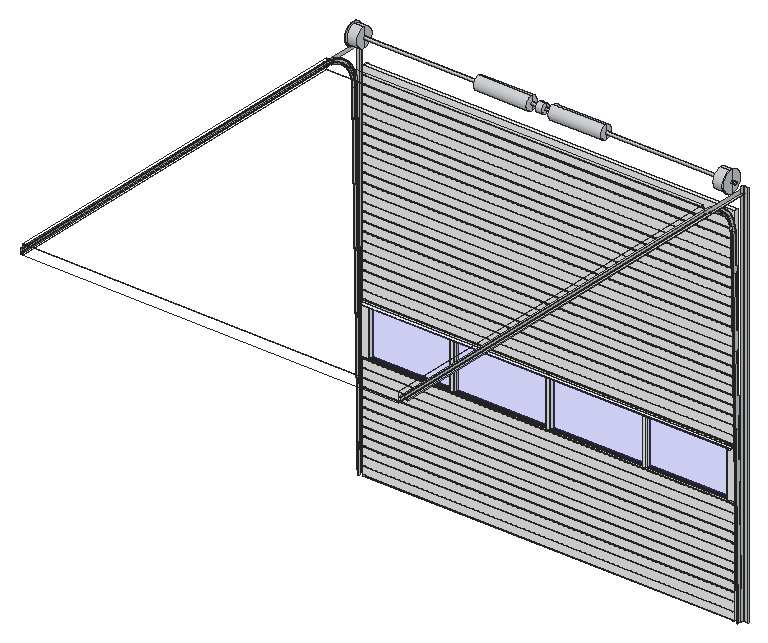
Revit family
Parameters (values of type "By Type")
  Windload = "Doors available rated for various design pressures; consult Clopay for avaialbility and specifications"
  VisSection6 = NumSections = 6  # no
  VisSection5 = NumSections > 4  # yes
  VisSection4 = NumSections > 3  # yes
  VisSection3 = NumSections > 2  # yes
  VisArray = NumSections > 6  # yes
  URL = "www.clopaydoor.com"
  Track Type = Track - Standard Lift : 15" Radius
  Track = "Galvanized steel (gauge varies according to door size)"
  Thickness = 0' - 2"  # constant formula
  Spec Wizard = "http://www.arcat.com/specwizard/08360clo/index.htm"
  Section Height = Height / NumSections  # 2' - 0"
  Section 5 Glazing = Section : Solid
  Section 4 Glazing = Section : Solid
  Section 3 Glazing = Full Vision Section : Intermediate
  Sales Information = "http://www.clopaydoor.com/where-to-buy.aspx?type=dealer"
  Rough Width = 0' - 0"  # constant formula
  Rough Height = 0' - 0"  # constant formula
  Roof Pitch = 0
  R-Value = "15.05"
  Product Features and Benefits = "http://www.clopaydoor.com/insulated-polyurethane-applications.aspx"
  Overlapping Jamb = yes
  Overlap = if(Overlapping Jamb, 0' 1", 0' 0")  # 0' - 1"
  Opening Width = 14' - 0"
  Opening Height = 14' - 0"
  Opener - Jackshaft Right Side = no
  Opener - Trolley = no
  Opener - Jackshaft Left Side = no
  Omniclass Table = "23-30 10 17 37 "
  NumSectionsNotRounded = Height / 2' 0"  # 7
  NumSections = NumSectionsNotRounded + 0.4999  # 7
  NumArraySections = if(NumSections > 6, NumSections - 5, 2)  # 2
  Model = "3718"
  Maximum Size = "Maximum 32' 2'' wide by 26' 0'' high. Additional limitations may apply do to door weight. Consult Clopay for specificiations and shop drawings."  # constant formula
  Manufacturer Website = "http://www.clopaydoor.com"
  Manufacturer Phone Number = "1-800-526-4301"
  Manufacturer Address = "1400 W. Market St., Troy, OH 45373"
  Manufacturer = "Clopay Building Products Company"
  LEED = "http://products.construction.com/swts_content_files/151607/303186.pdf"
  Keynote = "08 36 13"
  Interior Steel = "28 ga. galvanized, primed, and finish painted"
  High Lift = 4' - 0"
  Hardware = "14 ga. min. steel hinges; 10-ball steel rollers"
  GreenFormat = "http://www.greenformat.com/products/1536-Polyurethane%20Insulated%20Doors.rtf"
  Function = (empty or 0)
  Height = Opening Height + Rough Width * 0  # 14' - 0"
  Wall Closure = (empty or 0)
  Width = Opening Width + Rough Width * 0  # 14' - 0"
  FloorToSection7 = 6 * Section Height  # 12' - 0"
  FloorToSection6 = 5 * Section Height  # 10' - 0"
  FloorToSection5 = 4 * Section Height  # 8' - 0"
  FloorToSection4 = 3 * Section Height  # 6' - 0"
  FloorToSection3 = 2 * Section Height  # 4' - 0"
  FloorToSection2 = Section Height  # 2' - 0"
  File Revision = "02 (August, 2012)"
  Exterior Steel = "27 ga. galvanized, primed, and finish painted"
  Double Torsion Shaft = no
  Double End Stiles = Door Width > 14' 2"  # no
  Door Width = Opening Width + Overlap * 2  # 14' - 2"
  Door Height = Opening Height + Rough Width * 0  # 14' - 0"
  Description = "1-3/4'' thick polyurethane insulated, stucco embossed 20 gauge steel flush exterior."
  Core Material = "Expanded polyurethane"
  Copyright = "2010, Clopay Building Products Company, Inc."
  Color = White
  CAD and Specifications = "http://www.clopaydoor.com/insulated-polyurethane-specs.aspx"
  Assembly Code = "B2030410"
Reference planes (in)
  plane 1 "Center (Front/Back)": y = 0
  plane 2 "Center (Left/Right)": x = 0
  plane 3 "Left": x = -84
  plane 4 "Right": x = 84
  plane 5 "Top": z = 168
  plane 6 "Exterior": y = 3
  plane 7 "Interior": y = -3
  plane 8: z = 120
  plane 9: z = 144
Lines and regions (in)
  Opening 1
    outline origin (-90, -3, 0) x (1, 0, 0) y (0, 0, 1)
      loop
        line (6, 0) -> (174, 0) -> (174, 168) -> (6, 168) -> (6, 0)
Text (in)
  text "Exterior" at (-74.96733, 27.31104, 0), in view "Ref. Level"
  text "Interior" at (-74.96733, -25.14366, 0), in view "Ref. Level"
  text "Exterior" at (0, 40.15149, 123.01588), in view "Right"
  text "Interior" at (0, -64.39139, 123.01588), in view "Right"
  text "Interior" at (0, -31.01599, 123.00693), in view "Left"
  text "Exterior" at (0, 54.57065, 123.00693), in view "Left"
Dimensions and locks (in)
  equal spacing: plane 3 "Left", plane 2 "Center (Left/Right)", plane 4 "Right"
  "Height": level to plane 5 "Top"
  "Width": plane 3 "Left" to plane 4 "Right"
  host wall to plane 5 "Top" = 14' - 0"
  nested 1 to plane 7 "Interior" = 0' - 0 1/2"
  "FloorToSection6": plane 8 to level
  "FloorToSection7": plane 9 to level
  group 1 to group 2 = 0' - 0"  (x2)
  group 1 to group 2 = 2' - 0"
  host wall to host wall = 67' - 6"
  aligned and locked: plane 3 "Left" to Opening 1 sketch curve
  aligned and locked: plane 5 "Top" to Opening 1 sketch curve
  aligned and locked: Opening 1 sketch curve to plane 5 "Top"
  aligned and locked: Opening 1 sketch curve to plane 4 "Right"
  aligned and locked: Opening 1 sketch curve to level
  aligned and locked: plane 6 "Exterior" to host wall
  aligned and locked: host wall to plane 7 "Interior"
  aligned and locked: plane 2 "Center (Left/Right)" to nested 2
  aligned and locked: plane 2 "Center (Left/Right)" to nested 3
  aligned and locked: plane 2 "Center (Left/Right)" to nested 4
  aligned and locked: plane 2 "Center (Left/Right)" to nested 5
  aligned and locked: plane 2 "Center (Left/Right)" to nested 7
  aligned and locked: nested 7 to plane 8
  aligned and locked: nested 8 to plane 9
  aligned and locked: plane 7 "Interior" to nested 2
  aligned and locked: plane 7 "Interior" to nested 7
  aligned and locked: host wall to nested 8
  aligned and locked: plane 7 "Interior" to nested 3
  aligned and locked: host wall to nested 3
  aligned and locked: plane 7 "Interior" to nested 1
  aligned and locked: nested 2 to host wall
  aligned and locked: plane 7 "Interior" to nested 6
  aligned and locked: plane 7 "Interior" to nested 5
  aligned and locked: host wall to nested 7
  aligned and locked: plane 7 "Interior" to nested 4
  aligned and locked: nested 11 to plane 2 "Center (Left/Right)"
Nested families (in)
  nested 1: "Section" at (0, 0, 0), type "Solid"
  nested 2: "Section" at (0, 0, 24), built-in parameter 1001364 <- "Section Height", type "Solid"
  nested 3: "Full Vision Section" at (0, 0, 48), type <- "Section 3 Glazing", built-in parameter 1001364 <- "FloorToSection3", visible <- "VisSection3", type "Intermediate"
    with SingleStileVis no, Rail Width 14' - 1 13/16", NumIntStiles 3, Half Rail Width 7' - 0 29/32", Half Door Width 7' - 1", Glass Width 14' - 0 13/16", Edge to 1st Int Stile 3' - 5", Door Width 14' - 2", ArrayStileVis yes, ArrayIntStiles 3
  nested 4: "Section" at (0, 0, 120), built-in parameter 1001364 <- "FloorToSection6", visible <- "VisSection6", type "Solid"
  nested 5: "Section" at (0, 0, 96), built-in parameter 1001364 <- "FloorToSection5", type <- "Section 5 Glazing", visible <- "VisSection5", type "Solid"
  nested 6: "Section" at (0, 0, 72), type <- "Section 4 Glazing", built-in parameter 1001364 <- "FloorToSection4", visible <- "VisSection4", type "Solid"
  nested 7: "Section" at (0, 0, 120), visible <- "VisArray", type "Solid"
  nested 8: "Section" at (0, 0, 144), visible <- "VisArray", type "Solid"
  nested 9: "Section" at (0, 4.67704, 636.93806), type "Windows - 24x8", not visible
  nested 10: "Section" at (0, 4.63986, 609.3176), type "Windows - 24x12", not visible
  nested 11: "Track - Standard Lift" at (0, 0, 0) x (-1, 0, 0) z (0, 0, 1), type <- "Track Type", type "15" Radius"
    with WallToRadiusCenter 1' - 9.33333", VerticalAngleLength 14' - 10", Vertical Track Length 13' - 4", TrackToTrack 14' - 4", Roof Pitch Deg 0.00°, Roof Pitch 0, HorizontalAngleLength -16' - 2.33333", Horizontal Track Length 14' - 6", FloorToTrolleyRail 15' - 8", FloorToShaftCL 15' - 2", FloorToJackShaft 15' - 5", Double Torsion Shaft no, Door Width 14' - 2", Door Height 14' - 0", CenterToLHTrack 7' - 2", HorizontalTrackAngle 90.00°, CenterToRHTrack -7' - 2", CenterToJackShaft 7' - 6"
Definition of nested family "Section"
  Parameters (values of type "Windows - 24x12")
    X9 = if(if(NumArrayedWindows < NumWindows, NumArrayedWindows + 1, NumWindows) < 9, X1, X8 + WindowSpacing)  # 0' - 7 1/2"
    X8 = if(if(NumArrayedWindows < NumWindows, NumArrayedWindows + 1, NumWindows) < 8, X1, X7 + WindowSpacing)  # 0' - 7 1/2"
    X7 = if(if(NumArrayedWindows < NumWindows, NumArrayedWindows + 1, NumWindows) < 7, X1, X6 + WindowSpacing)  # 0' - 7 1/2"
    X6 = if(if(NumArrayedWindows < NumWindows, NumArrayedWindows + 1, NumWindows) < 6, X1, X5 + WindowSpacing)  # 0' - 7 1/2"
    X5 = if(if(NumArrayedWindows < NumWindows, NumArrayedWindows + 1, NumWindows) < 5, X1, X4 + WindowSpacing)  # 0' - 7 1/2"
    X4 = if(if(NumArrayedWindows < NumWindows, NumArrayedWindows + 1, NumWindows) < 4, X1, X3 + WindowSpacing)  # 11' - 7 1/2"
    X3 = if(NumWindows < 3, X1, X2 + WindowSpacing)  # 7' - 11 1/2"
    X2 = if(NumWindows < 2, ((Door Width - (NumWindows - 1) * WindowSpacing) / 2 - Cutout Width / 2), ((Door Width - (NumWindows - 1) * WindowSpacing) / 2 - Cutout Width / 2) + WindowSpacing)  # 4' - 3 1/2"
    Windows = 37xx Window Array : 24x12
    WindowVis = yes
    WindowSpacing = if(and(Door Width < 10' 0", Door Width > 9' 2"), 3' 4", 3' 8")  # 3' - 8"
    WindowCutDepth = 0' - 2"
    Section Height = 2' - 0"
    RibSpacing = Section Height / (NumRibs + 1)  # 0' - 4"
    NumWindows = if(Door Width < 9' 4", 2, if(Door Width < 13' 4", 3, if(Door Width < 16' 4", 4, if(Door Width < 20' 4", 5, if(Door Width < 24' 4", 6, if(Door Width < 26' 4", 7, if(Door Width < 31' 8", 8, 10)))))))  # 4
    NumRibs = if(Section Height < 1' 9", 3, if(Section Height < 2' 0", 4, 5))  # 5
    NumArrayedWindows = if(X2 = X1, NumWindows - 2, NumWindows)  # 4
    Half Section Height = Section Height / 2  # 1' - 0"
    Half Door Width Neg = -Half Door Width  # -7' - 1"
    Half Door Width = Door Width / 2  # 7' - 1"
    Half Cutout Height = Cutout Height / 2  # 0' - 5 1/2"
    Function = (empty or 0)
    Height = 0' - 0"
    Wall Closure = (empty or 0)
    Width = 0' - 0"
    X1 = if(or(Door Width > 31' 6", and(Door Width > 26' 2", Door Width < 28' 1"), Door Width = 24' 3", Door Width = 24' 4", and(Door Width > 20' 2", Door Width < 20' 11"), and(Door Width > 16' 2", Door Width < 17' 3")), X2, (Door Width - (NumWindows - 1) * WindowSpacing) / 2 - Cutout Width / 2)  # 0' - 7 1/2"
    Door Width = 14' - 2"
    CutoutToCutout = 1' - 0"
    Cutout Width = 1' - 11"
    Cutout Height = 0' - 11"
    Color = White
    BtmTo1stRib = RibSpacing  # 0' - 4"
    Assembly Code = ""
  Types (3): name | Windows | WindowVis | WindowCutDepth | Half Cutout Height | Cutout Height
    Windows - 24x12 | 37xx Window Array : 24x12 | yes | 0' - 2" | 0' - 5 1/2" | 0' - 11"
    Windows - 24x8 | 37xx Window Array : 24x8 | yes | 0' - 2" | 0' - 3 1/2" | 0' - 7"
    Solid | 37xx Window Array : 24x8 | no | -0' - 0 13/128" | 0' - 3 1/2" | 0' - 7"
  Reference planes (in)
    plane 1 "Center (Front/Back)": y = 0
    plane 2 "Center (Left/Right)": x = 0
    plane 3 "Exterior": y = 3
    plane 4 "Interior": y = -3
    plane 5: y = -3.5
    plane 6: x = 85
    plane 7: x = -85
    plane 8: z = 4
    plane 9: z = 8
    plane 10: z = 24
    plane 11: z = 12
    plane 12: z = 0
  Forms (in)
    Extrusion 1, solid, material "White" <- "Color"
      sketch origin (-85, -12, 83.08252) x (0, 0, 1) y (0, -1, 0)
        loop
          line (-59.08252, -8.37573) -> (-59.08252, -6.62444)
          arc (-59.08252, -6.62444) -> (-59.11897, -6.53645) -> (-59.20696, -6.5) r 0.12444
          line (-59.20696, -6.5) -> (-82.95809, -6.5)
          arc (-82.95809, -6.5) -> (-83.04608, -6.53645) -> (-83.08252, -6.62444) r 0.12444
          line (-83.08252, -6.62444) -> (-83.08252, -8.37573)
          arc (-83.08252, -8.37573) -> (-83.04612, -8.4636) -> (-82.95825, -8.5) r 0.12427
          line (-82.95825, -8.5) -> (-59.20679, -8.5)
          arc (-59.20679, -8.5) -> (-59.11892, -8.4636) -> (-59.08252, -8.37573) r 0.12427
      from 0 to 170 <- "Door Width"
    Extrusion 2, void
      sketch origin (0, -8.99984, -0.5) x (0, 1, 0) y (0, 0, -1)
        loop
          line (3.5, -4.62727) -> (3.53032, -4.58058)
          arc (3.53032, -4.58058) -> (3.53753, -4.56494) -> (3.54, -4.5479) r 0.06
          line (3.54, -4.5479) -> (3.54, -4.4521)
          arc (3.54, -4.4521) -> (3.53753, -4.43506) -> (3.53032, -4.41942) r 0.06
          line (3.53032, -4.41942) -> (3.5, -4.37273) -> (3.5, -4.62727)
      from -85 <- "Half Door Width Neg" to 170 <- "Door Width"
    Extrusion 3, void
      sketch origin (0, -8.99984, 3.5) x (0, 1, 0) y (0, 0, -1)
        loop
          line (3.5, -4.62727) -> (3.53032, -4.58058)
          arc (3.53032, -4.58058) -> (3.53753, -4.56494) -> (3.54, -4.5479) r 0.06
          line (3.54, -4.5479) -> (3.54, -4.4521)
          arc (3.54, -4.4521) -> (3.53753, -4.43506) -> (3.53032, -4.41942) r 0.06
          line (3.53032, -4.41942) -> (3.5, -4.37273) -> (3.5, -4.62727)
      from -85 <- "Half Door Width Neg" to 170 <- "Door Width"
    Extrusion 4, void
      sketch origin (0, -8.99984, 7.5) x (0, 1, 0) y (0, 0, -1)
        loop
          line (3.5, -4.62727) -> (3.53032, -4.58058)
          arc (3.53032, -4.58058) -> (3.53753, -4.56494) -> (3.54, -4.5479) r 0.06
          line (3.54, -4.5479) -> (3.54, -4.4521)
          arc (3.54, -4.4521) -> (3.53753, -4.43506) -> (3.53032, -4.41942) r 0.06
          line (3.53032, -4.41942) -> (3.5, -4.37273) -> (3.5, -4.62727)
      from -85 <- "Half Door Width Neg" to 170 <- "Door Width"
    Extrusion 5, void
      sketch origin (-98.15385, -3.5, 48) x (1, 0, 0) y (0, 0, 1)
        loop
          line (175.65385, -30.5) -> (152.65385, -30.5) -> (152.65385, -36) -> (175.65385, -36) -> (175.65385, -30.5)
      from 0 to 2 <- "WindowCutDepth"
    Extrusion 6, void
      sketch origin (-98.15385, -3.5, -24) x (1, 0, 0) y (0, 0, 1)
        loop
          line (175.65385, 30.5) -> (175.65385, 36) -> (152.65385, 36) -> (152.65385, 30.5) -> (175.65385, 30.5)
      from 0 to 2 <- "WindowCutDepth"
    Extrusion 7, void
      sketch origin (-136.15385, -3.5, 48) x (1, 0, 0) y (0, 0, 1)
        loop
          line (169.65385, -30.5) -> (146.65385, -30.5) -> (146.65385, -36) -> (169.65385, -36) -> (169.65385, -30.5)
      from 0 to 2 <- "WindowCutDepth"
    Extrusion 8, void
      sketch origin (-136.15385, -3.5, -24) x (1, 0, 0) y (0, 0, 1)
        loop
          line (169.65385, 30.5) -> (169.65385, 36) -> (146.65385, 36) -> (146.65385, 30.5) -> (169.65385, 30.5)
      from 0 to 2 <- "WindowCutDepth"
    Extrusion 9, void
      sketch origin (-171.15385, -3.5, 48) x (1, 0, 0) y (0, 0, 1)
        loop
          line (160.65385, -30.5) -> (137.65385, -30.5) -> (137.65385, -36) -> (160.65385, -36) -> (160.65385, -30.5)
      from 0 to 2 <- "WindowCutDepth"
    Extrusion 10, void
      sketch origin (-171.15385, -3.5, -24) x (1, 0, 0) y (0, 0, 1)
        loop
          line (160.65385, 30.5) -> (160.65385, 36) -> (137.65385, 36) -> (137.65385, 30.5) -> (160.65385, 30.5)
      from 0 to 2 <- "WindowCutDepth"
    Extrusion 11, void
      sketch origin (-214.15385, -3.5, 48) x (1, 0, 0) y (0, 0, 1)
        loop
          line (159.65385, -30.5) -> (136.65385, -30.5) -> (136.65385, -36) -> (159.65385, -36) -> (159.65385, -30.5)
      from 0 to 2 <- "WindowCutDepth"
    Extrusion 12, void
      sketch origin (-214.15385, -3.5, -24) x (1, 0, 0) y (0, 0, 1)
        loop
          line (159.65385, 30.5) -> (159.65385, 36) -> (136.65385, 36) -> (136.65385, 30.5) -> (159.65385, 30.5)
      from 0 to 2 <- "WindowCutDepth"
    Extrusion 13, void
      sketch origin (-256.15385, -3.5, 48) x (1, 0, 0) y (0, 0, 1)
        loop
          line (333.65385, -30.5) -> (310.65385, -30.5) -> (310.65385, -36) -> (333.65385, -36) -> (333.65385, -30.5)
      from 0 to 2 <- "WindowCutDepth"
    Extrusion 14, void
      sketch origin (-256.15385, -3.5, -24) x (1, 0, 0) y (0, 0, 1)
        loop
          line (333.65385, 30.5) -> (333.65385, 36) -> (310.65385, 36) -> (310.65385, 30.5) -> (333.65385, 30.5)
      from 0 to 2 <- "WindowCutDepth"
    Extrusion 15, void
      sketch origin (-294.15385, -3.5, 48) x (1, 0, 0) y (0, 0, 1)
        loop
          line (371.65385, -30.5) -> (348.65385, -30.5) -> (348.65385, -36) -> (371.65385, -36) -> (371.65385, -30.5)
      from 0 to 2 <- "WindowCutDepth"
    Extrusion 16, void
      sketch origin (-294.15385, -3.5, -24) x (1, 0, 0) y (0, 0, 1)
        loop
          line (371.65385, 30.5) -> (371.65385, 36) -> (348.65385, 36) -> (348.65385, 30.5) -> (371.65385, 30.5)
      from 0 to 2 <- "WindowCutDepth"
    Extrusion 17, void
      sketch origin (-331.15385, -3.5, 48) x (1, 0, 0) y (0, 0, 1)
        loop
          line (408.65385, -30.5) -> (385.65385, -30.5) -> (385.65385, -36) -> (408.65385, -36) -> (408.65385, -30.5)
      from 0 to 2 <- "WindowCutDepth"
    Extrusion 18, void
      sketch origin (-331.15385, -3.5, -24) x (1, 0, 0) y (0, 0, 1)
        loop
          line (408.65385, 30.5) -> (408.65385, 36) -> (385.65385, 36) -> (385.65385, 30.5) -> (408.65385, 30.5)
      from 0 to 2 <- "WindowCutDepth"
    Extrusion 19, void
      sketch origin (-368.15385, -3.5, 48) x (1, 0, 0) y (0, 0, 1)
        loop
          line (445.65385, -30.5) -> (422.65385, -30.5) -> (422.65385, -36) -> (445.65385, -36) -> (445.65385, -30.5)
      from 0 to 2 <- "WindowCutDepth"
    Extrusion 20, void
      sketch origin (-368.15385, -3.5, -24) x (1, 0, 0) y (0, 0, 1)
        loop
          line (445.65385, 30.5) -> (445.65385, 36) -> (422.65385, 36) -> (422.65385, 30.5) -> (445.65385, 30.5)
      from 0 to 2 <- "WindowCutDepth"
    Extrusion 21, void
      sketch origin (-407.15385, -3.5, 48) x (1, 0, 0) y (0, 0, 1)
        loop
          line (484.65385, -30.5) -> (461.65385, -30.5) -> (461.65385, -36) -> (484.65385, -36) -> (484.65385, -30.5)
      from 0 to 2 <- "WindowCutDepth"
    Extrusion 22, void
      sketch origin (-407.15385, -3.5, -24) x (1, 0, 0) y (0, 0, 1)
        loop
          line (484.65385, 30.5) -> (484.65385, 36) -> (461.65385, 36) -> (461.65385, 30.5) -> (484.65385, 30.5)
      from 0 to 2 <- "WindowCutDepth"
    Extrusion 23, void
      sketch origin (0, -8.99984, 11.5) x (0, 1, 0) y (0, 0, -1)
        loop
          line (3.5, -4.62727) -> (3.53032, -4.58058)
          arc (3.53032, -4.58058) -> (3.53753, -4.56494) -> (3.54, -4.5479) r 0.06
          line (3.54, -4.5479) -> (3.54, -4.4521)
          arc (3.54, -4.4521) -> (3.53753, -4.43506) -> (3.53032, -4.41942) r 0.06
          line (3.53032, -4.41942) -> (3.5, -4.37273) -> (3.5, -4.62727)
      from -85 <- "Half Door Width Neg" to 170 <- "Door Width"
    Extrusion 24, void
      sketch origin (0, -8.99984, 15.5) x (0, 1, 0) y (0, 0, -1)
        loop
          line (3.5, -4.62727) -> (3.53032, -4.58058)
          arc (3.53032, -4.58058) -> (3.53753, -4.56494) -> (3.54, -4.5479) r 0.06
          line (3.54, -4.5479) -> (3.54, -4.4521)
          arc (3.54, -4.4521) -> (3.53753, -4.43506) -> (3.53032, -4.41942) r 0.06
          line (3.53032, -4.41942) -> (3.5, -4.37273) -> (3.5, -4.62727)
      from -85 <- "Half Door Width Neg" to 170 <- "Door Width"
  Cuts and joins
    Extrusion 2, Extrusion 3, Extrusion 4, Extrusion 5, Extrusion 6, Extrusion 7, Extrusion 8, Extrusion 9, Extrusion 10, Extrusion 11, Extrusion 12, Extrusion 13, Extrusion 14, Extrusion 15, Extrusion 16, Extrusion 17, Extrusion 18, Extrusion 19, Extrusion 20, Extrusion 21, Extrusion 22, Extrusion 23, Extrusion 24 cuts Extrusion 1
  Lines and regions (in)
    reference lines
      curve 1: line (-72, -3.54, 4) -> (-72, -3.5, 4)
      curve 2: line (-72, -5.45984, 4) -> (-72, -5.49984, 4)
      curve 3: line (-72, -3.54, 8) -> (-72, -3.5, 8)
      curve 4: line (-72, -3.54, 12) -> (-72, -3.5, 12)
      curve 5: line (-72, -5.45984, 4) -> (-72, -5.49984, 4)
      curve 6: line (-72, -5.45984, 8) -> (-72, -5.49984, 8)
      curve 7: line (-72, -5.45984, 12) -> (-72, -5.49984, 12)
      curve 8: line (-72, -3.54, 16) -> (-72, -3.5, 16)
      curve 9: line (-72, -5.45984, 16) -> (-72, -5.49984, 16)
      curve 10: line (-72, -3.54, 20) -> (-72, -3.5, 20)
      curve 11: line (-72, -5.45984, 20) -> (-72, -5.49984, 20)
  Text (in)
    text "Exterior" at (-74.96733, 27.31104, 0), in view "Ref. Level"
    text "Interior" at (-74.96733, -25.14366, 0), in view "Ref. Level"
    text "Exterior" at (0, 40.15149, 123.01588), in view "Right"
    text "Interior" at (0, -64.39139, 123.01588), in view "Right"
    text "Interior" at (0, -31.01599, 123.00693), in view "Left"
    text "Exterior" at (0, 54.57065, 123.00693), in view "Left"
  Dimensions and locks (in)
    plane 4 "Interior" to plane 5 = 0' - 0 1/2"
    "Half Door Width": plane 2 "Center (Left/Right)" to plane 7
    "Half Door Width": plane 6 to plane 2 "Center (Left/Right)"
    Extrusion 1 sketch curve to Extrusion 1 sketch curve = 0' - 2"
    "BtmTo1stRib": plane 8 to level
    "RibSpacing": plane 9 to plane 8
    "Section Height": plane 10 to level
    equal spacing: group 1, group 2, group 3, group 4, group 5  (x3)
    Extrusion 2 sketch curve to Extrusion 2 sketch curve = 0' - 0.25454"
    Extrusion 2 sketch curve to Extrusion 2 sketch curve = 0' - 0.04"  (x2)
    Extrusion 2 sketch curve to curve 5 = 0' - 0.12727"
    Extrusion 3 sketch curve to Extrusion 3 sketch curve = 0' - 0.25454"
    Extrusion 3 sketch curve to Extrusion 3 sketch curve = 0' - 0.04"  (x2)
    Extrusion 3 sketch curve to curve 6 = 0' - 0.12727"
    Extrusion 4 sketch curve to Extrusion 4 sketch curve = 0' - 0.25454"
    Extrusion 4 sketch curve to Extrusion 4 sketch curve = 0' - 0.04"  (x2)
    Extrusion 4 sketch curve to curve 7 = 0' - 0.12727"
    "Half Section Height": level to plane 11
    "Cutout Width": Extrusion 5 sketch curve to Extrusion 5 sketch curve
    "Half Cutout Height": Extrusion 5 sketch curve to Extrusion 5 sketch curve
    "Cutout Width": Extrusion 6 sketch curve to Extrusion 6 sketch curve
    "Half Cutout Height": Extrusion 6 sketch curve to Extrusion 6 sketch curve
    "X1": cut or joined group 1 (Extrusion 1, Extrusion 2, Extrusion 3, Extrusion 4, Extrusion 5, Extrusion 6, Extrusion 7, Extrusion 8, Extrusion 9, Extrusion 10, Extrusion 11, Extrusion 12, Extrusion 13, Extrusion 14, Extrusion 15, Extrusion 16, Extrusion 17, Extrusion 18, Extrusion 19, Extrusion 20, Extrusion 21, Extrusion 22, Extrusion 23, Extrusion 24) to cut or joined group 1
    "Cutout Width": Extrusion 7 sketch curve to Extrusion 7 sketch curve
    "Half Cutout Height": Extrusion 7 sketch curve to Extrusion 7 sketch curve
    "Cutout Width": Extrusion 8 sketch curve to Extrusion 8 sketch curve
    "Half Cutout Height": Extrusion 8 sketch curve to Extrusion 8 sketch curve
    "Cutout Width": Extrusion 9 sketch curve to Extrusion 9 sketch curve
    "Half Cutout Height": Extrusion 9 sketch curve to Extrusion 9 sketch curve
    "Cutout Width": Extrusion 10 sketch curve to Extrusion 10 sketch curve
    "Half Cutout Height": Extrusion 10 sketch curve to Extrusion 10 sketch curve
    "X2": plane 6 to cut or joined group 1
    "X3": plane 6 to cut or joined group 1
    "Cutout Width": Extrusion 11 sketch curve to Extrusion 11 sketch curve
    "Half Cutout Height": Extrusion 11 sketch curve to Extrusion 11 sketch curve
    "Cutout Width": Extrusion 12 sketch curve to Extrusion 12 sketch curve
    "Half Cutout Height": Extrusion 12 sketch curve to Extrusion 12 sketch curve
    "Cutout Width": Extrusion 13 sketch curve to Extrusion 13 sketch curve
    "Half Cutout Height": Extrusion 13 sketch curve to Extrusion 13 sketch curve
    "Cutout Width": Extrusion 14 sketch curve to Extrusion 14 sketch curve
    "Half Cutout Height": Extrusion 14 sketch curve to Extrusion 14 sketch curve
    "Cutout Width": Extrusion 15 sketch curve to Extrusion 15 sketch curve
    "Half Cutout Height": Extrusion 15 sketch curve to Extrusion 15 sketch curve
    "Cutout Width": Extrusion 16 sketch curve to Extrusion 16 sketch curve
    "Half Cutout Height": Extrusion 16 sketch curve to Extrusion 16 sketch curve
    "Cutout Width": Extrusion 17 sketch curve to Extrusion 17 sketch curve
    "Half Cutout Height": Extrusion 17 sketch curve to Extrusion 17 sketch curve
    "Cutout Width": Extrusion 18 sketch curve to Extrusion 18 sketch curve
    "Half Cutout Height": Extrusion 18 sketch curve to Extrusion 18 sketch curve
    "Cutout Width": Extrusion 19 sketch curve to Extrusion 19 sketch curve
    "Half Cutout Height": Extrusion 19 sketch curve to Extrusion 19 sketch curve
    "Cutout Width": Extrusion 20 sketch curve to Extrusion 20 sketch curve
    "Half Cutout Height": Extrusion 20 sketch curve to Extrusion 20 sketch curve
    "Cutout Width": Extrusion 21 sketch curve to Extrusion 21 sketch curve
    "Half Cutout Height": Extrusion 21 sketch curve to Extrusion 21 sketch curve
    "Cutout Width": Extrusion 22 sketch curve to Extrusion 22 sketch curve
    "Half Cutout Height": Extrusion 22 sketch curve to Extrusion 22 sketch curve
    "X4": plane 6 to cut or joined group 1
    "X5": plane 6 to cut or joined group 1
    "X6": plane 6 to cut or joined group 1
    "X7": plane 6 to cut or joined group 1
    "X8": plane 6 to cut or joined group 1
    "X9": plane 6 to cut or joined group 1
    locked: nested 1 to cut or joined group 1 at 1  (x2)
    locked: nested 1 to cut or joined group 1 at 0.125
    Extrusion 23 sketch curve to Extrusion 23 sketch curve = 0' - 0.25454"
    Extrusion 23 sketch curve to Extrusion 23 sketch curve = 0' - 0.04"  (x2)
    Extrusion 23 sketch curve to curve 9 = 0' - 0.12727"
    Extrusion 24 sketch curve to Extrusion 24 sketch curve = 0' - 0.25454"
    Extrusion 24 sketch curve to Extrusion 24 sketch curve = 0' - 0.04"  (x2)
    Extrusion 24 sketch curve to curve 11 = 0' - 0.12727"
    locked: plane 4 "Interior" to cut or joined group 1 at 0.5
    radius of Extrusion 1 sketch curve = 0' - 0.12427"  (x2)
    radius of Extrusion 1 sketch curve = 0' - 0.12444"  (x2)
    angle Extrusion 2 sketch curve to Extrusion 2 sketch curve = 147.00°  (x2)
    angle Extrusion 3 sketch curve to Extrusion 3 sketch curve = 147.00°  (x2)
    angle Extrusion 4 sketch curve to Extrusion 4 sketch curve = 147.00°  (x2)
    angle Extrusion 23 sketch curve to Extrusion 23 sketch curve = 147.00°  (x2)
    angle Extrusion 24 sketch curve to Extrusion 24 sketch curve = 147.00°  (x2)
    aligned and locked: Extrusion 1 sketch curve to plane 5
    aligned and locked: plane 8 to curve 1
    aligned and locked: plane 9 to curve 3
    aligned and locked: Extrusion 5 sketch curve to plane 11
    aligned and locked: plane 11 to Extrusion 6 sketch curve
    aligned and locked: cut or joined group 1 to cut or joined group 1  (x9)
    aligned and locked: plane 12 to level
  Automatic sketch dimensions
    curve 2 to curve 1 = 0' - 1.91984"
    curve 1 to curve 1 = 0' - 0.04"  (x2)
    curve 1 to curve 2 = 0' - 1.91984"
    curve 2 to curve 2 = 0' - 0.04"  (x2)
    curve 5 to curve 1 = 0' - 0"
    curve 1 to curve 5 = 0' - 1.91984"
    curve 5 to curve 5 = 0' - 0.04"
    Extrusion 2 sketch curve to Extrusion 2 sketch curve = 0' - 0"
    Extrusion 2 sketch curve to Extrusion 2 sketch curve = 0' - 0.02"
    Extrusion 2 sketch curve to Extrusion 2 sketch curve = 0' - 0.00968"  (x2)
    curve 6 to curve 3 = 0' - 0"
    curve 3 to curve 3 = 0' - 0.04"
    curve 3 to curve 6 = 0' - 1.91984"
    curve 6 to curve 6 = 0' - 0.04"
    curve 7 to curve 4 = 0' - 0"
    curve 4 to curve 4 = 0' - 0.04"
    curve 4 to curve 7 = 0' - 1.91984"
    curve 7 to curve 7 = 0' - 0.04"
    Extrusion 4 sketch curve to Extrusion 4 sketch curve = 0' - 0.00968"
    Extrusion 3 sketch curve to Extrusion 3 sketch curve = 0' - 0.00968"
    curve 2 to plane 8 = 0' - 0"
    curve 2 to plane 5 = 0' - 1.95984"
    Extrusion 5 sketch curve to plane 6 = 2' - 6 1/2"
    Extrusion 6 sketch curve to plane 6 = 2' - 6 1/2"
    Extrusion 7 sketch curve to plane 11 = 0' - 0"
    Extrusion 7 sketch curve to plane 6 = 6' - 2 1/2"
    Extrusion 8 sketch curve to plane 11 = 0' - 0"
    Extrusion 8 sketch curve to plane 6 = 6' - 2 1/2"
    Extrusion 9 sketch curve to plane 11 = 0' - 0"
    Extrusion 9 sketch curve to plane 6 = 9' - 10 1/2"
    Extrusion 10 sketch curve to plane 11 = 0' - 0"
    Extrusion 10 sketch curve to plane 6 = 9' - 10 1/2"
    Extrusion 11 sketch curve to plane 11 = 0' - 0"
    Extrusion 11 sketch curve to plane 2 "Center (Left/Right)" = 6' - 5 1/2"
    Extrusion 12 sketch curve to plane 11 = 0' - 0"
    Extrusion 12 sketch curve to plane 2 "Center (Left/Right)" = 6' - 5 1/2"
    Extrusion 13 sketch curve to plane 11 = 0' - 0"
    plane 2 "Center (Left/Right)" to Extrusion 13 sketch curve = 4' - 6 1/2"
    Extrusion 14 sketch curve to plane 11 = 0' - 0"
    plane 2 "Center (Left/Right)" to Extrusion 14 sketch curve = 4' - 6 1/2"
    Extrusion 15 sketch curve to plane 11 = 0' - 0"
    plane 2 "Center (Left/Right)" to Extrusion 15 sketch curve = 4' - 6 1/2"
    Extrusion 16 sketch curve to plane 11 = 0' - 0"
    plane 2 "Center (Left/Right)" to Extrusion 16 sketch curve = 4' - 6 1/2"
    Extrusion 17 sketch curve to plane 11 = 0' - 0"
    plane 2 "Center (Left/Right)" to Extrusion 17 sketch curve = 4' - 6 1/2"
    Extrusion 18 sketch curve to plane 11 = 0' - 0"
    plane 2 "Center (Left/Right)" to Extrusion 18 sketch curve = 4' - 6 1/2"
    Extrusion 19 sketch curve to plane 11 = 0' - 0"
    plane 7 to Extrusion 19 sketch curve = 11' - 7 1/2"
    Extrusion 20 sketch curve to plane 11 = 0' - 0"
    plane 7 to Extrusion 20 sketch curve = 11' - 7 1/2"
    Extrusion 21 sketch curve to plane 11 = 0' - 0"
    plane 7 to Extrusion 21 sketch curve = 11' - 7 1/2"
    Extrusion 22 sketch curve to plane 11 = 0' - 0"
    plane 7 to Extrusion 22 sketch curve = 11' - 7 1/2"
    Extrusion 1 sketch curve to plane 10 = 0' - 0"
    Extrusion 1 sketch curve to level = 0' - 0"
    curve 9 to curve 8 = 0' - 0"
    curve 8 to curve 8 = 0' - 0.04"
    curve 8 to curve 9 = 0' - 1.91984"
    curve 9 to curve 9 = 0' - 0.04"
    Extrusion 23 sketch curve to Extrusion 23 sketch curve = 0' - 0"
    Extrusion 23 sketch curve to Extrusion 23 sketch curve = 0' - 0.02"
    Extrusion 23 sketch curve to Extrusion 23 sketch curve = 0' - 0.00968"  (x2)
    curve 11 to curve 10 = 0' - 0"
    curve 10 to curve 10 = 0' - 0.04"
    curve 10 to curve 11 = 0' - 1.91984"
    curve 11 to curve 11 = 0' - 0.04"
    Extrusion 24 sketch curve to Extrusion 24 sketch curve = 0' - 0"
    Extrusion 24 sketch curve to Extrusion 24 sketch curve = 0' - 0.02"
    Extrusion 24 sketch curve to Extrusion 24 sketch curve = 0' - 0.00968"  (x2)
  Nested families (in)
    nested 1: "37xx Window Array" at (66, -3.375, 7.5) x (-1, 0, 0) z (0, 0, 1), type <- "Windows", visible <- "WindowVis", type "24x12"
      with NumWindows 4
  Definition of nested family "37xx Window Array"
    Parameters (values of type "24x8")
      Window Spacing = 3' - 8"
      NumWindows = 3
      Frame Width = 2' - 1"
      Frame Height = 0' - 9"
      Color = White
      Assembly Code = ""
    Types (2): name | Frame Height | Color
      24x8 | 0' - 9" | White
      24x12 | 1' - 1" | none
    Reference planes (in)
      plane 1 "Center (Front/Back)": y = 0
      plane 2: z = 0
      plane 3 "Center (Left/Right)": x = 0
      plane 4: y = -1
    Forms (in)
      Extrusion 1, solid, material "White" <- "Color"
        sketch origin (-1.38592, 0, 0) x (1, 0, 0) y (0, 0, 1)
          loop
            line (-8.86408, 1.625) -> (11.63592, 1.625)
            arc (11.63592, 1.625) -> (12.07786, 1.80806) -> (12.26092, 2.25) r 0.625
            line (12.26092, 2.25) -> (12.26092, 6.75)
            arc (12.26092, 6.75) -> (12.07786, 7.19194) -> (11.63592, 7.375) r 0.625
            line (11.63592, 7.375) -> (-8.86408, 7.375)
            arc (-8.86408, 7.375) -> (-9.30602, 7.19194) -> (-9.48908, 6.75) r 0.625
            line (-9.48908, 6.75) -> (-9.48908, 2.25)
            arc (-9.48908, 2.25) -> (-9.30602, 1.80806) -> (-8.86408, 1.625) r 0.625
          loop
            line (-10.48908, 0) -> (13.26092, 0)
            arc (13.26092, 0) -> (13.70286, 0.18306) -> (13.88592, 0.625) r 0.625
            line (13.88592, 0.625) -> (13.88592, 8.375)
            arc (13.88592, 8.375) -> (13.70286, 8.81694) -> (13.26092, 9) r 0.625
            line (13.26092, 9) -> (-10.48908, 9)
            arc (-10.48908, 9) -> (-10.93102, 8.81694) -> (-11.11408, 8.375) r 0.625
            line (-11.11408, 8.375) -> (-11.11408, 0.625)
            arc (-11.11408, 0.625) -> (-10.93102, 0.18306) -> (-10.48908, 0) r 0.625
        from 0 to 2.25
      Extrusion 2, solid, material "Glass"
        sketch origin (0, -1, 15.9844) x (0, 0, 1) y (-1, 0, 0)
          loop
            arc (-8.6094, 10.25) -> (-8.79246, 10.69194) -> (-9.2344, 10.875) r 0.625
            line (-9.2344, 10.875) -> (-13.7344, 10.875)
            arc (-13.7344, 10.875) -> (-14.17634, 10.69194) -> (-14.3594, 10.25) r 0.625
            line (-14.3594, 10.25) -> (-14.3594, -10.25)
            arc (-14.3594, -10.25) -> (-14.17634, -10.69194) -> (-13.7344, -10.875) r 0.625
            line (-13.7344, -10.875) -> (-9.2344, -10.875)
            arc (-9.2344, -10.875) -> (-8.79246, -10.69194) -> (-8.6094, -10.25) r 0.625
            line (-8.6094, -10.25) -> (-8.6094, 10.25)
        from 0 to 0.25
      Extrusion 3, solid, material "White" <- "Color"
        sketch origin (42.61408, 0, 0) x (1, 0, 0) y (0, 0, 1)
          loop
            line (-8.86408, 1.625) -> (11.63592, 1.625)
            arc (11.63592, 1.625) -> (12.07786, 1.80806) -> (12.26092, 2.25) r 0.625
            line (12.26092, 2.25) -> (12.26092, 6.75)
            arc (12.26092, 6.75) -> (12.07786, 7.19194) -> (11.63592, 7.375) r 0.625
            line (11.63592, 7.375) -> (-8.86408, 7.375)
            arc (-8.86408, 7.375) -> (-9.30602, 7.19194) -> (-9.48908, 6.75) r 0.625
            line (-9.48908, 6.75) -> (-9.48908, 2.25)
            arc (-9.48908, 2.25) -> (-9.30602, 1.80806) -> (-8.86408, 1.625) r 0.625
          loop
            line (-10.48908, 0) -> (13.26092, 0)
            arc (13.26092, 0) -> (13.70286, 0.18306) -> (13.88592, 0.625) r 0.625
            line (13.88592, 0.625) -> (13.88592, 8.375)
            arc (13.88592, 8.375) -> (13.70286, 8.81694) -> (13.26092, 9) r 0.625
            line (13.26092, 9) -> (-10.48908, 9)
            arc (-10.48908, 9) -> (-10.93102, 8.81694) -> (-11.11408, 8.375) r 0.625
            line (-11.11408, 8.375) -> (-11.11408, 0.625)
            arc (-11.11408, 0.625) -> (-10.93102, 0.18306) -> (-10.48908, 0) r 0.625
        from 0 to 2.25
      Extrusion 4, solid, material "Glass"
        sketch origin (44, -1, 15.9844) x (0, 0, 1) y (-1, 0, 0)
          loop
            arc (-8.6094, 10.25) -> (-8.79246, 10.69194) -> (-9.2344, 10.875) r 0.625
            line (-9.2344, 10.875) -> (-13.7344, 10.875)
            arc (-13.7344, 10.875) -> (-14.17634, 10.69194) -> (-14.3594, 10.25) r 0.625
            line (-14.3594, 10.25) -> (-14.3594, -10.25)
            arc (-14.3594, -10.25) -> (-14.17634, -10.69194) -> (-13.7344, -10.875) r 0.625
            line (-13.7344, -10.875) -> (-9.2344, -10.875)
            arc (-9.2344, -10.875) -> (-8.79246, -10.69194) -> (-8.6094, -10.25) r 0.625
            line (-8.6094, -10.25) -> (-8.6094, 10.25)
        from 0 to 0.25
      Extrusion 5, solid, material "White" <- "Color"
        sketch origin (86.61408, 0, 0) x (1, 0, 0) y (0, 0, 1)
          loop
            line (-8.86408, 1.625) -> (11.63592, 1.625)
            arc (11.63592, 1.625) -> (12.07786, 1.80806) -> (12.26092, 2.25) r 0.625
            line (12.26092, 2.25) -> (12.26092, 6.75)
            arc (12.26092, 6.75) -> (12.07786, 7.19194) -> (11.63592, 7.375) r 0.625
            line (11.63592, 7.375) -> (-8.86408, 7.375)
            arc (-8.86408, 7.375) -> (-9.30602, 7.19194) -> (-9.48908, 6.75) r 0.625
            line (-9.48908, 6.75) -> (-9.48908, 2.25)
            arc (-9.48908, 2.25) -> (-9.30602, 1.80806) -> (-8.86408, 1.625) r 0.625
          loop
            line (-10.48908, 0) -> (13.26092, 0)
            arc (13.26092, 0) -> (13.70286, 0.18306) -> (13.88592, 0.625) r 0.625
            line (13.88592, 0.625) -> (13.88592, 8.375)
            arc (13.88592, 8.375) -> (13.70286, 8.81694) -> (13.26092, 9) r 0.625
            line (13.26092, 9) -> (-10.48908, 9)
            arc (-10.48908, 9) -> (-10.93102, 8.81694) -> (-11.11408, 8.375) r 0.625
            line (-11.11408, 8.375) -> (-11.11408, 0.625)
            arc (-11.11408, 0.625) -> (-10.93102, 0.18306) -> (-10.48908, 0) r 0.625
        from 0 to 2.25
      Extrusion 6, solid, material "Glass"
        sketch origin (88, -1, 15.9844) x (0, 0, 1) y (-1, 0, 0)
          loop
            arc (-8.6094, 10.25) -> (-8.79246, 10.69194) -> (-9.2344, 10.875) r 0.625
            line (-9.2344, 10.875) -> (-13.7344, 10.875)
            arc (-13.7344, 10.875) -> (-14.17634, 10.69194) -> (-14.3594, 10.25) r 0.625
            line (-14.3594, 10.25) -> (-14.3594, -10.25)
            arc (-14.3594, -10.25) -> (-14.17634, -10.69194) -> (-13.7344, -10.875) r 0.625
            line (-13.7344, -10.875) -> (-9.2344, -10.875)
            arc (-9.2344, -10.875) -> (-8.79246, -10.69194) -> (-8.6094, -10.25) r 0.625
            line (-8.6094, -10.25) -> (-8.6094, 10.25)
        from 0 to 0.25
    Dimensions and locks (in)
      locked: Extrusion 1 sketch curve to Extrusion 1 sketch curve at 1.625  (x4)
      "Frame Height": Extrusion 1 sketch curve to Extrusion 1 sketch curve
      "Frame Width": Extrusion 1 sketch curve to Extrusion 1 sketch curve
      Extrusion 1 to plane 4 = 0' - 1"
      Extrusion 1 to plane 3 "Center (Left/Right)" = 1' - 0 1/2"
      locked: Extrusion 3 sketch curve to Extrusion 3 sketch curve at 1.625  (x4)
      "Frame Height": Extrusion 3 sketch curve to Extrusion 3 sketch curve
      "Frame Width": Extrusion 3 sketch curve to Extrusion 3 sketch curve
      equal spacing: group 1, group 2, group 3  (x3)
      locked: Extrusion 5 sketch curve to Extrusion 5 sketch curve at 1.625  (x4)
      "Frame Height": Extrusion 5 sketch curve to Extrusion 5 sketch curve
      "Frame Width": Extrusion 5 sketch curve to Extrusion 5 sketch curve
      "Window Spacing": Extrusion 1 to Extrusion 3
      radius of Extrusion 1 sketch curve = 0' - 0 5/8"  (x8)
      radius of Extrusion 3 sketch curve = 0' - 0 5/8"  (x8)
      radius of Extrusion 5 sketch curve = 0' - 0 5/8"  (x8)
      aligned and locked: plane 2 to level
      aligned and locked: Extrusion 2 sketch curve to Extrusion 1  (x4)
      aligned and locked: Extrusion 4 sketch curve to Extrusion 3  (x4)
      aligned and locked: Extrusion 6 sketch curve to Extrusion 5  (x4)
Definition of nested family "Full Vision Section"
  Parameters (values of type "Intermediate")
    Top Rail Face = if(Section Type = 3, 0' 3", 0' 0 27/32")  # 0' - 0 27/32"
    Stile Height = if(or(Section Type = 1, Section Type = 3), Section Height - 0' 3 27/32", Section Height - 0' 0 27/32" * 2)  # 1' - 10 5/16"
    SingleStileVis = and(NumIntStiles < 2, NumIntStiles > 0)  # yes
    Section Type = 2
    Section Height = 2' - 0"
    Rail Width = Door Width - 0' 0 3/16"  # 8' - 1 13/16"
    Panel Material = Glass
    NumIntStiles = if(Door Width < 4' 9", 0, if(Door Width < 9' 3", 1, if(Door Width < 13' 3", 2, if(Door Width < 16' 3", 3, if(Door Width < 20' 3", 4, 5)))))  # 1
    IntStileCtrCtr = 3' - 8"
    Half Rail Width = Rail Width / 2  # 4' - 0 29/32"
    Half Door Width = Door Width / 2  # 4' - 1"
    Glass Width = Rail Width - 0' 1"  # 8' - 0 13/16"
    Function = (empty or 0)
    Height = 0' - 0"
    Wall Closure = (empty or 0)
    Width = 0' - 0"
    Frame Material = White
    Fin Visibility = or(Section Type = 1, Section Type = 2)  # yes
    End Stile Face = if(Double End Stiles, 0' 6", 0' 3")  # 0' - 3"
    Edge to 1st Int Stile = (Door Width - (NumIntStiles - 1) * 3' 8") / 2  # 4' - 1"
    Double End Stiles = no
    Door Width = 8' - 2"
    Bottom Rail Face = if(Section Type = 1, 0' 3", 0' 0 27/32")  # 0' - 0 27/32"
    Assembly Code = ""
    ArrayStileVis = NumIntStiles > 1  # no
    ArrayIntStiles = if(NumIntStiles < 2, 2, NumIntStiles)  # 2
  Reference planes (in)
    plane 1 "Center (Front/Back)": y = 0
    plane 2 "Center (Left/Right)": x = 0
    plane 3 "Exterior": y = 3
    plane 4 "Interior": y = -3
    plane 5: y = -3.5
    plane 6: x = 49
    plane 7: x = 48.90625
    plane 8: x = -48.90625
    plane 9: x = -49
    plane 10: x = 0
    plane 11: x = 0
  Forms (in)
    Extrusion 1, solid, material "White" <- "Frame Material"
      sketch origin (-48.90625, -12, 83.08252) x (0, 0, 1) y (0, -1, 0)
        loop
          arc (-83.08252, -8.37483) -> (-83.04586, -8.46334) -> (-82.95735, -8.5) r 0.12517
          line (-82.95735, -8.5) -> (-82.23877, -8.5) -> (-82.23877, -8.37402) -> (-82.1155, -8.37402) -> (-81.7405, -7.99902) -> (-81.7405, -7.81152) -> (-82.23877, -7.81152) -> (-82.23877, -7.56152) -> (-81.7405, -7.56152) -> (-81.7405, -6.56152) -> (-82.23877, -6.56152) -> (-82.23877, -6.37582) -> (-82.95588, -6.37582)
          arc (-82.95588, -6.37582) -> (-83.04543, -6.41291) -> (-83.08252, -6.50246) r 0.12664
          line (-83.08252, -6.50246) -> (-83.08252, -8.37483)
      from 0 to 97.8125 <- "Rail Width"
    Extrusion 2, solid, material "White" <- "Frame Material"
      sketch origin (-48.90625, -12, 83.08252) x (0, 0, 1) y (0, -1, 0)
        loop
          line (-59.08252, -8.37573) -> (-59.08252, -6.50025)
          arc (-59.08252, -6.50025) -> (-59.11897, -6.41226) -> (-59.20696, -6.37582) r 0.12444
          line (-59.20696, -6.37582) -> (-59.92627, -6.37582) -> (-59.92627, -6.56152) -> (-60.42627, -6.56152) -> (-60.42627, -7.56152) -> (-59.92627, -7.56152) -> (-59.92627, -7.81152) -> (-60.42627, -7.81152) -> (-60.42627, -7.99854) -> (-60.05079, -8.37402) -> (-59.92627, -8.37402) -> (-59.92627, -8.5) -> (-59.20679, -8.5)
          arc (-59.20679, -8.5) -> (-59.11892, -8.4636) -> (-59.08252, -8.37573) r 0.12427
      from 0 to 97.8125 <- "Rail Width"
    Extrusion 3, solid, material "Glass" <- "Panel Material"
      sketch origin (-48.90625, -12, 83.08252) x (0, 0, 1) y (0, -1, 0)
        loop
          line (-59.92627, -7.81152) -> (-59.92627, -7.56152) -> (-82.23877, -7.56152) -> (-82.23877, -7.81152) -> (-59.92627, -7.81152)
      from 1 to 96.8125 <- "Glass Width"
    Extrusion 4, solid, material "White" <- "Frame Material"
      sketch origin (-48.90625, -5.43848, 23.15625) x (-1, 0, 0) y (0, 1, 0)
        loop
          line (0.09375, 1.93848) -> (-2.90625, 1.93848) -> (-2.90625, 1.8125) -> (-3.02952, 1.8125) -> (-3.40452, 1.4375) -> (-3.40452, 1.25) -> (-2.90625, 1.25) -> (-2.90625, 1) -> (-3.40452, 1) -> (-3.40452, 0) -> (-2.90625, 0) -> (-2.90625, -0.18571) -> (0.09375, -0.18571) -> (0.09375, 1.93848)
      from 0 to 22.3125 <- "Stile Height"
    Extrusion 5, solid, material "White" <- "Frame Material"
      sketch origin (-48.90625, -3.5, 23.15625) x (-1, 0, 0) y (0, 1, 0)
        loop
          line (-97.90625, 0) -> (-97.90625, -2.12418) -> (-94.90625, -2.12418) -> (-94.90625, -1.93848) -> (-94.40798, -1.93848) -> (-94.40798, -0.93848) -> (-94.90625, -0.93848) -> (-94.90625, -0.68848) -> (-94.40798, -0.68848) -> (-94.40798, -0.50098) -> (-94.78298, -0.12598) -> (-94.90625, -0.12598) -> (-94.90625, 0) -> (-97.90625, 0)
      from 0 to 22.3125 <- "Stile Height"
    Extrusion 6, solid, material "White" <- "Frame Material", visible <- "Fin Visibility"
      sketch origin (-48.90625, -12, 83.08252) x (0, 0, 1) y (0, -1, 0)
        loop
          line (-59.92627, -6.37582) -> (-59.8329, -6.37582) -> (-59.8329, -4.5475)
          arc (-59.8329, -4.5475) -> (-59.87958, -4.50082) -> (-59.92627, -4.5475) r 0.04669
          line (-59.92627, -4.5475) -> (-59.92627, -6.37582)
      from 0 to 97.8125 <- "Rail Width"
  Text (in)
    text "Exterior" at (-74.96733, 27.31104, 0), in view "Ref. Level"
    text "Interior" at (-74.96733, -25.14366, 0), in view "Ref. Level"
    text "Exterior" at (0, 40.15149, 123.01588), in view "Right"
    text "Interior" at (0, -64.39139, 123.01588), in view "Right"
    text "Interior" at (0, -31.01599, 123.00693), in view "Left"
    text "Exterior" at (0, 54.57065, 123.00693), in view "Left"
  Dimensions and locks (in)
    plane 4 "Interior" to plane 5 = 0' - 0 1/2"
    locked: Extrusion 1 sketch curve to Extrusion 1 sketch curve at 0.12598
    locked: Extrusion 1 sketch curve to Extrusion 1 sketch curve at 0.25
    locked: Extrusion 1 sketch curve to Extrusion 1 sketch curve at 1
    locked: Extrusion 1 sketch curve to Extrusion 1 sketch curve at 0.12327
    locked: Extrusion 1 sketch curve to Extrusion 1 sketch curve at 0.49827
    locked: Extrusion 1 sketch curve to Extrusion 1 sketch curve at 0.5625
    locked: Extrusion 1 sketch curve to Extrusion 1 sketch curve at 2.12418
    "Bottom Rail Face": Extrusion 1 sketch curve to Extrusion 1 sketch curve
    "Top Rail Face": Extrusion 2 sketch curve to Extrusion 2 sketch curve
    locked: Extrusion 2 sketch curve to Extrusion 2 sketch curve at 0.12452
    locked: Extrusion 2 sketch curve to Extrusion 2 sketch curve at 0.5
    locked: Extrusion 4 sketch curve to Extrusion 4 sketch curve at 2.12418
    "End Stile Face": Extrusion 4 sketch curve to Extrusion 4 sketch curve
    locked: Extrusion 4 sketch curve to Extrusion 4 sketch curve at 0.12598
    locked: Extrusion 4 sketch curve to Extrusion 4 sketch curve at 0.49827
    locked: Extrusion 4 sketch curve to Extrusion 4 sketch curve at 0.12327
    Extrusion 4 sketch curve to Extrusion 4 sketch curve to Extrusion 4 sketch curve = 0' - 0 9/16" locked, 0' - 0 1/4" locked
    locked: Extrusion 4 sketch curve to Extrusion 4 sketch curve at 1
    locked: Extrusion 4 sketch curve to Extrusion 4 sketch curve at 0.375
    locked: Extrusion 5 sketch curve to Extrusion 5 sketch curve at 0.12598
    locked: Extrusion 5 sketch curve to Extrusion 5 sketch curve at 0.25
    locked: Extrusion 5 sketch curve to Extrusion 5 sketch curve at 1
    locked: Extrusion 5 sketch curve to Extrusion 5 sketch curve at 0.12327
    locked: Extrusion 5 sketch curve to Extrusion 5 sketch curve at 0.49827
    locked: Extrusion 5 sketch curve to Extrusion 5 sketch curve at 0.5625
    locked: Extrusion 5 sketch curve to Extrusion 5 sketch curve at 2.12418
    "End Stile Face": Extrusion 5 sketch curve to Extrusion 5 sketch curve
    locked: Extrusion 5 sketch curve to Extrusion 5 sketch curve at 0.375
    locked: Extrusion 6 sketch curve to Extrusion 6 sketch curve at 0.09338
    locked: Extrusion 2 to Extrusion 6 sketch curve at 1.875
    "Edge to 1st Int Stile": plane 10 to plane 9
    "Edge to 1st Int Stile": plane 6 to plane 11
    "Half Door Width": plane 2 "Center (Left/Right)" to plane 9
    "Half Door Width": plane 6 to plane 2 "Center (Left/Right)"
    "Half Rail Width": plane 2 "Center (Left/Right)" to plane 8
    "Half Rail Width": plane 7 to plane 2 "Center (Left/Right)"
    locked: Extrusion 3 sketch curve to Extrusion 3 sketch curve at 0.25
    radius of Extrusion 2 sketch curve = 0' - 0.12427"
    radius of Extrusion 2 sketch curve = 0' - 0.12444"
    radius of Extrusion 1 sketch curve = 0' - 0.12517"
    radius of Extrusion 1 sketch curve = 0' - 0.12664"
    aligned and locked: Extrusion 1 sketch curve to Extrusion 1 sketch curve  (x3)
    aligned and locked: Extrusion 2 sketch curve to Extrusion 1  (x3)
    aligned and locked: Extrusion 1 to Extrusion 2 sketch curve  (x3)
    aligned and locked: Extrusion 2 sketch curve to Extrusion 2 sketch curve  (x3)
    aligned: Extrusion 3 sketch curve to Extrusion 2
    aligned: Extrusion 3 sketch curve to Extrusion 1
    aligned and locked: Extrusion 3 sketch curve to Extrusion 1
    aligned and locked: Extrusion 4 sketch curve to Extrusion 4 sketch curve  (x3)
    aligned and locked: Extrusion 4 sketch curve to Extrusion 2
    aligned and locked: Extrusion 5 sketch curve to Extrusion 5 sketch curve  (x3)
    aligned and locked: Extrusion 5 sketch curve to Extrusion 2
    aligned and locked: nested 1 to Extrusion 2  (x2)
    aligned and locked: Extrusion 4 to Extrusion 3
    aligned and locked: Extrusion 1 to Extrusion 4
    aligned and locked: Extrusion 6 sketch curve to Extrusion 4
    aligned and locked: Extrusion 6 sketch curve to Extrusion 2
    aligned and locked: plane 2 "Center (Left/Right)" to nested 1
    aligned and locked: nested 1 to plane 5
    aligned and locked: Extrusion 5 sketch curve to plane 6
    aligned and locked: Extrusion 4 sketch curve to plane 9
    aligned and locked: plane 11 to nested 2
    aligned and locked: Extrusion 4 to nested 2
    aligned and locked: nested 2 to Extrusion 1
    aligned and locked: Extrusion 3 sketch curve to Extrusion 4  (x2)
  Automatic sketch dimensions
    Extrusion 1 sketch curve to level = 0' - 0"
    Extrusion 1 sketch curve to plane 5 = 0' - 0"
    Extrusion 1 sketch curve to Extrusion 1 sketch curve = 0' - 0 3/16"
    Extrusion 2 sketch curve to plane 5 = 0' - 0.50146"
    level to Extrusion 2 sketch curve = 1' - 10 21/32"
    Extrusion 2 sketch curve to Extrusion 2 sketch curve = 0' - 0 1/2"
  Nested families (in)
    nested 1: "Int Stile for Single" at (0, -3.5, 0.84375), visible <- "SingleStileVis", type "Single"
      with Stile Height 1' - 10 5/16"
    nested 2: "902 Int Stile Array" at (0, -3.5, 0.84375), visible <- "ArrayStileVis", type "Array"
      with NumIntStiles 2
  Definition of nested family "Int Stile for Single"
    Parameters (values of type "Single")
      Stile Height = 1' - 8 5/32"
      Frame Material = none
      Assembly Code = ""
    Reference planes (in)
      plane 1 "Center (Front/Back)": y = 0
      plane 2: z = 0
      plane 3 "Center (Left/Right)": x = 0
      plane 4: z = 20.15625
    Forms (in)
      Extrusion 1, solid, material <- "Frame Material"
        sketch origin (0, 0, 0) x (1, 0, 0) y (0, 1, 0)
          loop
            line (-0.65625, 0) -> (-0.65625, -0.125) -> (-0.78125, -0.125) -> (-1.15625, -0.5) -> (-1.15625, -0.63751) -> (-0.65625, -0.63751) -> (-0.65625, -0.88751) -> (-1.15625, -0.88751) -> (-1.15625, -1.88751) -> (-0.65625, -1.88751) -> (-0.65625, -2.125) -> (0.65625, -2.125) -> (0.65625, -1.88751) -> (1.15625, -1.88751) -> (1.15625, -0.88751) -> (0.65625, -0.88751) -> (0.65625, -0.63751) -> (1.15625, -0.63751) -> (1.15625, -0.5) -> (0.78125, -0.125) -> (0.65625, -0.125) -> (0.65625, 0) -> (-0.65625, 0)
        from 0 to 20.15625 <- "Stile Height"
    Dimensions and locks (in)
      "Stile Height": level to plane 4
      locked: Extrusion 1 sketch curve to Extrusion 1 sketch curve at 1.3125
      locked: Extrusion 1 sketch curve to Extrusion 1 sketch curve at 0.5  (x2)
      locked: Extrusion 1 sketch curve to plane 3 "Center (Left/Right)" at 1.15625
      locked: Extrusion 1 sketch curve to Extrusion 1 sketch curve at 2.125
      locked: Extrusion 1 sketch curve to Extrusion 1 sketch curve at 0.25
      locked: Extrusion 1 sketch curve to Extrusion 1 sketch curve at 1
      locked: Extrusion 1 sketch curve to Extrusion 1 sketch curve at 0.375  (x4)
      locked: Extrusion 1 sketch curve to Extrusion 1 sketch curve at 0.125  (x3)
      aligned and locked: plane 2 to level
      aligned and locked: Extrusion 1 sketch curve to Extrusion 1 sketch curve  (x8)
    Automatic sketch dimensions
      plane 1 "Center (Front/Back)" to Extrusion 1 sketch curve = 0' - 0"
      Extrusion 1 sketch curve to Extrusion 1 sketch curve = 0' - 0.23749"
  Definition of nested family "902 Int Stile Array"
    Parameters (values of type "Array")
      Stile Height = 1' - 10 5/16"
      NumIntStiles = 4
      IntStileCtrCtr = 3' - 8"
      Frame Material = none
      Assembly Code = ""
    Reference planes (in)
      plane 1 "Center (Front/Back)": y = 0
      plane 2: z = 0
      plane 3 "Center (Left/Right)": x = 0
      plane 4: z = 22.3125
      plane 5: x = 1.15625
      plane 6: x = -42.84375
    Forms (in)
      Extrusion 1, solid, material <- "Frame Material"
        sketch origin (0, 0, 0) x (1, 0, 0) y (0, 1, 0)
          loop
            line (-0.65625, 0) -> (-0.65625, -0.125) -> (-0.78125, -0.125) -> (-1.15625, -0.5) -> (-1.15625, -0.63751) -> (-0.65625, -0.63751) -> (-0.65625, -0.88751) -> (-1.15625, -0.88751) -> (-1.15625, -1.88751) -> (-0.65625, -1.88751) -> (-0.65625, -2.125) -> (0.65625, -2.125) -> (0.65625, -1.88751) -> (1.15625, -1.88751) -> (1.15625, -0.88751) -> (0.65625, -0.88751) -> (0.65625, -0.63751) -> (1.15625, -0.63751) -> (1.15625, -0.5) -> (0.78125, -0.125) -> (0.65625, -0.125) -> (0.65625, 0) -> (-0.65625, 0)
        from 0 to 22.3125 <- "Stile Height"
